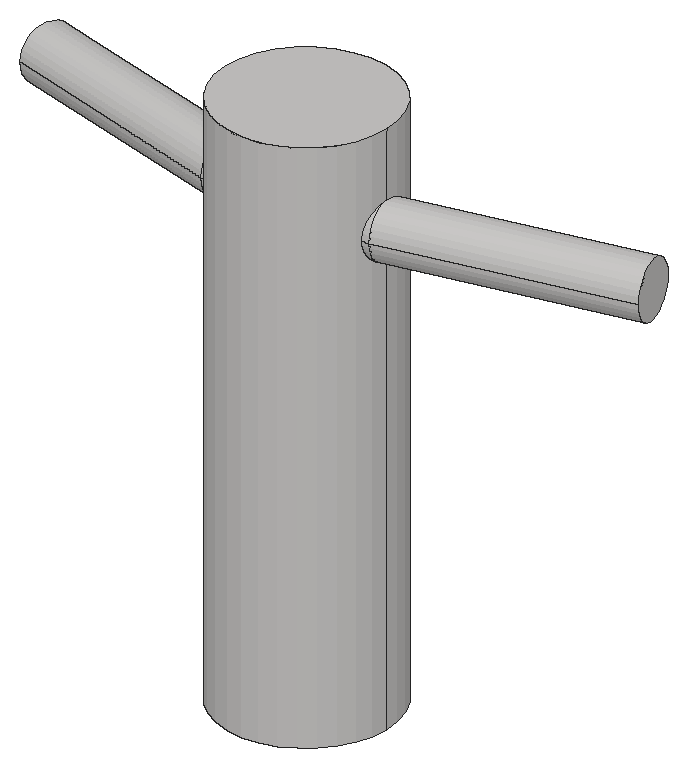
Revit family "PRD_FrankeWS_ClthsHks_StratosDoubleHook_STRX694", category Furniture, host Face, Revit 2018
Family settings
  Host = Face
  OmniClass Number = 23.40.20.21
  OmniClass Title = Toilet and Bath Specialties
  Cut with Voids When Loaded = No
  Shared = No
  Room Calculation Point = No
Parameters (values of type "STRX694")
  WarrantyStartDate [instance] = "1900-12-31T23:59:59"
  WarrantyGuarantorParts = "n/a"
  WarrantyGuarantorLabor = "n/a"
  WarrantyDurationUnit = "year"
  WarrantyDurationParts = "n/a"
  WarrantyDurationLabor = "n/a"
  WarrantyDescription = "n/a"
  Version = "1"
  Uniclass2015Version = "Products v1.5"
  Uniclass2015Title = "Clothes hooks"
  Uniclass2015Code = "Pr_40_30_78_15"
  URL = "www.kwc.com"
  TagNumber [instance] = "n/a"
  SustainabilityPerformance = "n/a"
  Style = "Hook"
  Size = "69 x 18 x 60 mm"
  Shape = "n/a"
  SerialNumber [instance] = "n/a"
  Revision = "n/a"
  ReplacementCost = "n/a"
  ProductInformation = "https://pim.kwc.com/product/2000057985/attachment/datasheet?locale=en"
  NominalWidth = 69.00 mm
  NominalLength = 69.00 mm
  NominalHeight = 18.00 mm
  NominalDepth = 60.00 mm
  NetWeight = 0.14 kg
  Name = "STRATOS double hook STRX694"
  NBSTypeID = "n/a"
  NBSReference = "45-35-72/322"
  NBSOfficeMasterTag = "n/a"
  NBSNote = "n/a"
  NBSDescription = "Clothes hooks"
  NBSCertification = "n/a"
  ModelReference = "STRX694"
  ModelNumber = "2000057985"
  Model = ModelReference  # "STRX694"
  Material = "Stainless steel"
  ManufacturerURL = "www.kwc.com"
  ManufacturerName = "KWC Group AG"  # constant formula
  Manufacturer = ManufacturerName  # "KWC Group AG"
  MainColor = "Stainless steel"
  IntegralAccessories = "Stainless steel screws and dowels incl."
  InstallationDate [instance] = "1900-12-31T23:59:59"
  IfcExportType = "NOTDEFINED"
  IfcExportAs = "IfcFurnitureType"
  HookMaterial = PRD_AR_StainlessSteel_SatinFinished
  GrossWeight = 0.15 kg
  Grade = "n/a"
  Form = "Wall mounted"
  Finish = "Satin finished"
  Features = "stainless steel, 18 mm, satin finished, wall mounting, 69x18x60 mm (WxHxD)"
  ExpectedLife = "n/a"
  DurationUnit = "year"
  Description = "Double hook for wall mounting, stainless steel, surface satin finished, 18 mm pipe diameter, drilled hole on bottom for fixation, incl. stainless steel screws and dowels."
  Default Elevation = 1500.00 mm
  Constituents = "n/a"
  Colour = "Stainless steel, satin finished"
  Color = "Stainless steel"
  CodePerformance = "n/a"
  Category = "Pr_40_30_78_15, Clothes hooks"
  BarCode [instance] = "n/a"
  BIMObjectName = "PRD_AR_ClothesHooks_StratosDoubleHook_STRX694"
  Author = "Archispace"  # constant formula
  AssetType = "Fixed"
  AssetIdentifier [instance] = "n/a"
  AccessibilityPerformance = "n/a"
Reference planes
  plane 1 "Center (Front/Back)": y = 0
  plane 2: z = 0
  plane 3 "Center (Left/Right)": x = 0
  plane 4: z = 50
Forms (mm)
  Extrusion 1, solid, material "PRD_AR_StainlessSteel_SatinFinished" <- "HookMaterial", detail levels medium+fine
    sketch origin (0, 0, 0) x (1, 0, 0) y (0, 1, 0)
      loop
        circle (0, 0) r 9
    from 0 to 60
  Sweep 2, solid, material "PRD_AR_StainlessSteel_SatinFinished" <- "HookMaterial", detail levels fine
    path origin (0, 24, 50) x (0, 1, 0) y (-1, 0, 0)
      loop
        line (-20.827, -34.515) -> (-27, -9.363) -> (-27, 9.363) -> (-20.827, 34.515)
    profile origin (0, -3, 50) x (0, -1, 0) y (0, 0, 1)
      loop
        circle (-3, 0) r 3
  Extrusion 3, solid, material "PRD_AR_StainlessSteel_SatinFinished" <- "HookMaterial", detail levels medium
    sketch origin (0, 0, 0) x (0, 1, 0) y (0, 0, 1)
      loop
        circle (0, 50) r 3
    from -34.5 to 34.5
Dimensions and locks
  aligned and locked: plane 2 to host face
  aligned and locked: level to host face
